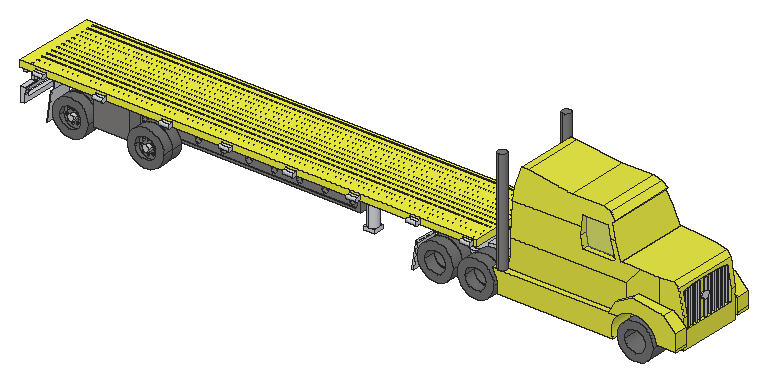
Revit family "BIMINONE_Large-14WheelsFlatbedTrailer", category Site, Revit 2021
Family settings
  Round Connector Dimension = Use Diameter
  Part Type = Normal
  Work Plane-Based = No
  Always vertical = Yes
  Cut with Voids When Loaded = No
  Shared = No
Parameters (values of type "Large-14WheelsFlatbedTrailer_Grey")
  Width = 3685 mm
  Standard/code = ""
  Product code = ""
  Modelled by = "Thai Obayashi Corp."
  Main Material = ""
  Length = 20600 mm
  Height = 4100 mm
  Color = "Grey"
  Barcode = ""
Reference planes
  plane 1 "Center (Front/Back)": y = 0
  plane 2: z = 0
  plane 3 "Center (Left/Right)": x = 0
Dimensions and locks
  aligned and locked: level to plane 2
Nested families
  nested 1: "TOC_Truck_WithFlatbedTrailer_Small" at (0, 0, 0), type "TOC_Truck_WithFlatbedTrailer_Small"
Definition of nested family "TOC_Truck_WithFlatbedTrailer_Small"
  Reference planes
    plane 1 "Center (Front/Back)": y = 0
    plane 2: z = 0
    plane 3 "Center (Left/Right)": x = 0
  Forms (mm)
    Extrusion 1, solid
      sketch origin (-15706.974, 945.005, 0) x (0, -1, 0) y (1, 0, 0)
        loop
          line (0, 0) -> (1981.2, 0) -> (1981.2, 10972.8) -> (0, 10972.8) -> (0, 0)
      from 1219.2 to 1070.576
    Extrusion 2, solid
      sketch origin (-15680.827, -45.595, 0) x (1, 0, 0) y (0, 0, 1)
        loop
          line (304.8, 1070.576) -> (304.8, 721.652) -> (852.425, 721.652) -> (1214.721, 359.356) -> (3072.632, 359.356) -> (3174.252, 460.976) -> (7772.4, 460.976) -> (7772.4, 714.976) -> (8229.089, 714.976) -> (9525.622, 966.996) -> (10658.283, 966.996) -> (10911.897, 1070.576) -> (304.8, 1070.576)
        loop
          line (50.8, 1070.576) -> (50.8, 689.576) -> (127, 689.576) -> (127, 841.976) -> (258.982, 1070.576) -> (50.8, 1070.576)
      from 507.376 to -565.03
    Extrusion 3, void
      sketch origin (-15706.974, -45.595, 0) x (0, -1, 0) y (1, 0, 0)
        loop
          line (-414.145, 457.948) -> (372.286, 457.948) -> (372.286, 10821.148) -> (-414.145, 10821.148) -> (-414.145, 457.948)
      from 1070.576 to 104.764
    Extrusion 4, solid
      sketch origin (-14052.621, -45.595, 0) x (0, -1, 0) y (1, 0, 0)
        loop
          circle (421.736, 6370.182) r 124.451
        loop
          circle (-488.519, 6363.045) r 124.451
      from 245.449 to 714.976
    Extrusion 5, solid
      sketch origin (-15706.974, -45.595, 0) x (0, -1, 0) y (1, 0, 0)
        loop
          line (-621.436, 8151.216) -> (-621.436, 7890.866) -> (-354.736, 7890.866) -> (-354.736, 8151.216) -> (-621.436, 8151.216)
        loop
          line (298.161, 8151.216) -> (298.161, 7894.041) -> (550.41, 7894.041) -> (550.41, 8151.216) -> (298.161, 8151.216)
      from 245.449 to 149.9
    Extrusion 6, void
      sketch origin (-15706.974, -45.595, 0) x (1, 0, 0) y (0, 0, 1)
        loop
          circle (7264.249, 877.857) r 76.2
        loop
          circle (6910.539, 630.186) r 76.2
        loop
          circle (6654.649, 877.857) r 76.2
        loop
          circle (6300.939, 630.186) r 76.2
        loop
          circle (6045.049, 877.857) r 76.2
        loop
          circle (5691.339, 630.186) r 76.2
        loop
          circle (5435.449, 877.857) r 76.2
        loop
          circle (5081.739, 630.186) r 76.2
        loop
          circle (4825.849, 877.857) r 76.2
        loop
          circle (4472.139, 630.186) r 76.2
        loop
          circle (4216.249, 877.857) r 76.2
        loop
          circle (3862.539, 630.186) r 76.2
        loop
          circle (3581.249, 877.857) r 76.2
        loop
          circle (3227.539, 630.186) r 76.2
        loop
          circle (2946.249, 877.857) r 76.2
        loop
          circle (2592.539, 630.186) r 76.2
        loop
          circle (2311.249, 877.857) r 76.2
        loop
          circle (1957.539, 630.186) r 76.2
        loop
          circle (1676.249, 877.857) r 76.2
        loop
          circle (1322.539, 630.186) r 76.2
        loop
          circle (1066.649, 877.857) r 76.2
        loop
          circle (712.939, 630.186) r 76.2
        loop
          circle (7896.853, 886.057) r 76.2
        loop
          circle (7575.945, 621.986) r 76.2
      from -1121.548 to 1371.6
    Extrusion 7, void
      sketch origin (-15706.974, -45.595, 0) x (1, 0, 0) y (0, 0, 1)
        loop
          line (457.948, 1019.776) -> (457.948, 537.176) -> (457.948, 511.776) -> (1443.64, 511.776) -> (1494.44, 460.976) -> (3124.2, 460.976) -> (3175, 511.776) -> (7696.2, 511.776) -> (7735.896, 736.903) -> (7735.896, 762.303) -> (8243.896, 762.303) -> (9465.629, 999.784) -> (9465.629, 1050.584) -> (9365.896, 1031.197) -> (457.948, 1031.197) -> (457.948, 1019.776)
      from 470.074 to 1371.6
    Extrusion 8, void
      sketch origin (-15706.974, 1703.855, -18.724) x (1, 0, 0) y (0, 0, 1)
        loop
          line (457.948, 1019.776) -> (457.948, 537.176) -> (457.948, 511.776) -> (1394.541, 511.776) -> (1479.761, 426.555) -> (3089.779, 426.555) -> (3175, 511.776) -> (7696.2, 511.776) -> (7735.896, 736.903) -> (7735.896, 762.303) -> (8243.896, 762.303) -> (9465.629, 999.784) -> (9465.629, 1050.584) -> (9365.896, 1031.197) -> (457.948, 1031.197) -> (457.948, 1019.776)
      from 627.902 to 1214.701
    Extrusion 9, solid
      sketch origin (-15706.974, -45.595, 0) x (1, 0, 0) y (0, 0, 1)
        loop
          line (0, 1070.576) -> (0, 333.976) -> (101.6, 333.976) -> (101.6, 511.776) -> (153.148, 689.576) -> (76.948, 689.576) -> (76.948, 1070.576) -> (0, 1070.576)
      from -989.771 to 990.6
    Extrusion 10, void
      sketch origin (-15376.027, -45.595, 1070.576) x (0, 0, -1) y (0, -1, 0)
        loop
          line (0, -684.581) -> (0, -990.6) -> (260.05, -1151.967) -> (403.197, -1008.821) -> (403.197, -684.581) -> (0, -684.581)
        loop
          line (0, 657.851) -> (403.523, 657.851) -> (403.523, 1011.807) -> (220.352, 1117.561) -> (0, 990.6) -> (0, 657.851)
        loop
          line (0, 533.4) -> (0, -558.8) -> (364.189, -558.8) -> (364.189, 533.4) -> (0, 533.4)
        loop
          line (494.911, 882.844) -> (494.911, -895.156) -> (640.961, -895.156) -> (640.961, 882.844) -> (494.911, 882.844)
      from 33.018 to 1371.6
    Extrusion 11, solid
      sketch origin (-15375.976, 368.551, 0) x (1, 0, 0) y (0, 0, 1)
        loop
          line (405.602, 721.652) -> (603.736, 721.652) -> (603.736, 851.383) -> (405.602, 851.383) -> (405.602, 721.652)
        loop
          line (2209.673, 975.928) -> (2209.673, 848.928) -> (2336.673, 848.928) -> (2336.673, 975.928) -> (2209.673, 975.928)
        loop
          line (3784.772, 581.922) -> (3911.772, 581.922) -> (3911.772, 708.922) -> (3784.772, 708.922) -> (3784.772, 581.922)
        loop
          line (5604.157, 584.128) -> (5731.157, 584.128) -> (5731.157, 711.128) -> (5604.157, 711.128) -> (5604.157, 584.128)
        loop
          line (4777.459, 823.909) -> (4904.459, 823.909) -> (4904.459, 950.909) -> (4777.459, 950.909) -> (4777.459, 823.909)
        loop
          line (7763.031, 762.303) -> (7763.031, 813.103) -> (7636.031, 813.103) -> (7586.962, 799.955) -> (7586.962, 743.579) -> (7763.031, 743.579) -> (7763.031, 762.303)
        loop
          line (6846.098, 711.128) -> (6846.098, 584.128) -> (7049.298, 584.128) -> (7049.298, 711.128) -> (6846.098, 711.128)
        loop
          line (8779.031, 1012.474) -> (8779.031, 930.662) -> (9134.631, 999.784) -> (9134.631, 1031.86) -> (9034.897, 1012.474) -> (8779.031, 1012.474)
      from 0 to 786.431
    Extrusion 12, void
      sketch origin (-15706.974, 945.005, 1219.2) x (1, 0, 0) y (0, -1, 0)
        loop
          line (10922, 69.97) -> (10922, 1924.17) -> (101.6, 1924.17) -> (101.6, 69.97) -> (10922, 69.97)
        loop
          line (107.95, 1917.82) -> (107.95, 76.32) -> (10915.65, 76.32) -> (10915.65, 1917.82) -> (107.95, 1917.82)
      from 304.8 to 1371.6
    Extrusion 13, void
      sketch origin (-7812.933, -613.253, 0) x (0, -1, 0) y (0, 0, -1)
        loop
          line (360.068, -1219.2) -> (360.068, -1193.8) -> (347.368, -1193.8) -> (347.368, -1219.2) -> (360.068, -1219.2)
        loop
          line (217.193, -1219.2) -> (217.193, -1193.8) -> (204.493, -1193.8) -> (204.493, -1219.2) -> (217.193, -1219.2)
        loop
          line (64.793, -1219.2) -> (64.793, -1193.8) -> (52.093, -1193.8) -> (52.093, -1219.2) -> (64.793, -1219.2)
        loop
          line (-87.607, -1219.2) -> (-87.607, -1193.8) -> (-100.307, -1193.8) -> (-100.307, -1219.2) -> (-87.607, -1219.2)
        loop
          line (-240.007, -1219.2) -> (-240.007, -1193.8) -> (-252.707, -1193.8) -> (-252.707, -1219.2) -> (-240.007, -1219.2)
        loop
          line (-392.407, -1219.2) -> (-392.407, -1193.8) -> (-405.107, -1193.8) -> (-405.107, -1219.2) -> (-392.407, -1219.2)
        loop
          line (-544.807, -1219.2) -> (-544.807, -1193.8) -> (-557.507, -1193.8) -> (-557.507, -1219.2) -> (-544.807, -1219.2)
        loop
          line (-697.207, -1219.2) -> (-697.207, -1193.8) -> (-709.907, -1193.8) -> (-709.907, -1219.2) -> (-697.207, -1219.2)
        loop
          line (-849.607, -1219.2) -> (-849.607, -1193.8) -> (-862.307, -1193.8) -> (-862.307, -1219.2) -> (-849.607, -1219.2)
        loop
          line (-1002.007, -1219.2) -> (-1002.007, -1193.8) -> (-1014.707, -1193.8) -> (-1014.707, -1219.2) -> (-1002.007, -1219.2)
        loop
          line (-1154.407, -1219.2) -> (-1154.407, -1193.8) -> (-1167.107, -1193.8) -> (-1167.107, -1219.2) -> (-1154.407, -1219.2)
        loop
          line (-1306.807, -1219.2) -> (-1306.807, -1193.8) -> (-1319.507, -1193.8) -> (-1319.507, -1219.2) -> (-1306.807, -1219.2)
        loop
          line (-1459.207, -1219.2) -> (-1459.207, -1193.8) -> (-1471.907, -1193.8) -> (-1471.907, -1219.2) -> (-1459.207, -1219.2)
      from -7674.297 to 2985.91
    Extrusion 14, solid
      sketch origin (-15706.974, -45.595, 0) x (1, 0, 0) y (0, 0, 1)
        loop
          circle (3041.77, 410.613) r 431.8
        loop
          circle (1238.37, 436.013) r 431.8
        loop
          circle (3041.77, 410.613) r 254
        loop
          circle (1238.37, 436.013) r 254
      from 778.744 to 1028.626
    Extrusion 15, solid
      sketch origin (-15706.974, -45.595, 0) x (1, 0, 0) y (0, 0, 1)
        loop
          circle (3042.794, 410.517) r 253.954
        loop
          circle (1237.389, 434.979) r 254
      from 632.451 to 933.57
    Extrusion 16, solid
      sketch origin (-15706.974, 1592.705, 0) x (1, 0, 0) y (0, 0, 1)
        loop
          circle (3042.794, 410.517) r 253.954
        loop
          circle (1237.389, 434.979) r 254
      from 636.91 to 933.57
    Extrusion 17, solid
      sketch origin (-15706.974, -45.595, 0) x (1, 0, 0) y (0, 0, 1)
        loop
          line (1714.918, 1070.576) -> (1714.918, 359.356) -> (2573.034, 359.356) -> (2573.034, 1070.576) -> (1714.918, 1070.576)
      from 619.751 to 927.726
    Extrusion 18, solid
      sketch origin (-15706.974, 182.176, 0) x (1, 0, 0) y (0, 0, 1)
        loop
          circle (3041.77, 410.613) r 431.8
        loop
          circle (1238.37, 436.013) r 431.8
        loop
          circle (3041.77, 410.613) r 254
        loop
          circle (1238.37, 436.013) r 254
      from 735.147 to 990.6
    Extrusion 19, solid
      sketch origin (-15706.974, -45.595, 0) x (1, 0, 0) y (0, 0, -1)
        loop
          line (1714.918, -1070.576) -> (2573.034, -1070.576) -> (2573.034, -359.356) -> (1714.918, -359.356) -> (1714.918, -1070.576)
      from 619.751 to 927.726
    Extrusion 20, solid
      sketch origin (-15706.974, -45.595, 0) x (1, 0, 0) y (0, 0, -1)
        loop
          circle (3041.77, -410.613) r 431.8
        loop
          circle (1238.37, -436.013) r 431.8
        loop
          circle (3041.77, -410.613) r 254
        loop
          circle (1238.37, -436.013) r 254
      from 792.089 to 1028.626
    Extrusion 21, solid
      sketch origin (-15706.974, -273.365, 0) x (1, 0, 0) y (0, 0, -1)
        loop
          circle (3041.77, -410.613) r 431.8
        loop
          circle (1238.37, -436.013) r 431.8
        loop
          circle (3041.77, -410.613) r 254
        loop
          circle (1238.37, -436.013) r 254
      from 792.801 to 1012.673
    Extrusion 22, solid
      sketch origin (-15706.974, -45.595, 0) x (1, 0, 0) y (0, 0, 1)
        loop
          line (737.348, 1012.474) -> (737.348, 848.928) -> (762.748, 848.928) -> (762.748, 1012.474) -> (737.348, 1012.474)
      from 467.351 to 915.026
    Extrusion 23, solid
      sketch origin (-15706.974, -45.595, 0) x (1, 0, 0) y (0, 0, -1)
        loop
          line (737.348, -1012.474) -> (762.748, -1012.474) -> (762.748, -851.383) -> (737.348, -851.383) -> (737.348, -1012.474)
      from 467.351 to 915.026
    Extrusion 24, solid
      sketch origin (-15706.974, -45.595, 0) x (1, 0, 0) y (0, 0, 1)
        loop
          line (778.375, 848.928) -> (752.975, 848.928) -> (667.145, 149.9) -> (692.545, 149.9) -> (778.375, 848.928)
      from 480.051 to 1028.626
    Extrusion 25, solid
      sketch origin (-15706.974, -45.595, 0) x (1, 0, 0) y (0, 0, -1)
        loop
          line (778.677, -851.383) -> (692.545, -149.9) -> (667.145, -149.9) -> (753.277, -851.383) -> (778.677, -851.383)
      from 480.051 to 1028.626
    Extrusion 26, void
      sketch origin (-15706.974, -45.595, 0) x (1, 0, 0) y (0, 0, 1)
        loop
          circle (3045.121, 560.231) r 38.1
        loop
          circle (3161.766, 524.476) r 38.1
        loop
          circle (3196.245, 409.108) r 38.1
        loop
          circle (3161.227, 293.531) r 38.1
        loop
          circle (3045.121, 255.431) r 38.1
        loop
          circle (2930.821, 293.531) r 38.1
        loop
          circle (2893.998, 409.108) r 38.1
        loop
          circle (2930.821, 524.476) r 38.1
        loop
          circle (1239.161, 587.974) r 38.1
        loop
          circle (1122.517, 552.218) r 38.1
        loop
          circle (1088.037, 436.85) r 38.1
        loop
          circle (1123.056, 321.274) r 38.1
        loop
          circle (1239.161, 283.174) r 38.1
        loop
          circle (1353.461, 321.274) r 38.1
        loop
          circle (1390.285, 436.85) r 38.1
        loop
          circle (1353.461, 552.218) r 38.1
      from 175.251 to 1371.6
    Extrusion 27, solid
      sketch origin (-15680.827, 519.436, 0) x (-1, 0, 0) y (0, 0, 1)
        loop
          circle (-3023.402, 407.831) r 76.2
        loop
          circle (-1221.512, 435.045) r 76.2
      from -1593.656 to 463.596
    Extrusion 28, solid
      sketch origin (-15706.974, -45.595, 0) x (1, 0, 0) y (0, 0, 1)
        loop
          line (0, 1070.576) -> (0, 944.323) -> (76.948, 944.323) -> (203.2, 1070.576) -> (0, 1070.576)
      from 657.851 to 882.844
    Extrusion 29, solid
      sketch origin (-15706.974, -45.595, 0) x (1, 0, 0) y (0, 0, -1)
        loop
          line (0, -1070.576) -> (203.2, -1070.576) -> (76.948, -944.323) -> (0, -944.323) -> (0, -1070.576)
      from 657.851 to 882.844
    Extrusion 30, solid
      sketch origin (-4708.027, -45.595, 1070.576) x (-1, 0, 0) y (0, -1, 0)
        loop
          circle (579.22, -24.729) r 355.6
      from 0 to -138.764
    Extrusion 31, solid
      sketch origin (-4708.027, -45.595, 1070.576) x (-1, 0, 0) y (0, -1, 0)
        loop
          circle (571.12, -12.029) r 76.2
      from -355.6 to -138.764
    Extrusion 32, solid
      sketch origin (-7812.933, -613.253, -3.776) x (0, 1, 0) y (0, 0, -1)
        loop
          line (-422.942, -1165.826) -> (-422.942, -1070.576) -> (-461.042, -1070.576)
          arc (-461.042, -1070.576) -> (-529.29, -1099.151) -> (-461.042, -1127.726) r 40.106
          line (-461.042, -1127.726) -> (-422.942, -1165.826)
      from 1273.894 to 1516.342
    Extrusion 33, solid
      sketch origin (-3701.219, -613.253, 0) x (0, 1, 0) y (0, 0, -1)
        loop
          line (-422.942, -1165.826) -> (-422.942, -1070.576) -> (-461.042, -1070.576)
          arc (-461.042, -1070.576) -> (-529.29, -1099.151) -> (-461.042, -1127.726) r 40.106
          line (-461.042, -1127.726) -> (-422.942, -1165.826)
      from 1133.976 to 1371.6
    Extrusion 34, solid
      sketch origin (-4987.595, -613.253, 0) x (0, 1, 0) y (0, 0, -1)
        loop
          line (-422.942, -1165.826) -> (-422.942, -1070.576) -> (-461.042, -1070.576)
          arc (-461.042, -1070.576) -> (-529.29, -1099.151) -> (-461.042, -1127.726) r 40.106
          line (-461.042, -1127.726) -> (-422.942, -1165.826)
      from 1133.976 to 1371.6
    Extrusion 35, solid
      sketch origin (-6426.37, -613.253, 0) x (0, 1, 0) y (0, 0, -1)
        loop
          line (-422.942, -1165.826) -> (-422.942, -1070.576) -> (-461.042, -1070.576)
          arc (-461.042, -1070.576) -> (-529.29, -1099.151) -> (-461.042, -1127.726) r 40.106
          line (-461.042, -1127.726) -> (-422.942, -1165.826)
      from 1133.976 to 1371.6
    Extrusion 36, solid
      sketch origin (-9492.419, -613.253, 0) x (0, 1, 0) y (0, 0, -1)
        loop
          line (-422.942, -1165.826) -> (-422.942, -1070.576) -> (-461.042, -1070.576)
          arc (-461.042, -1070.576) -> (-529.29, -1099.151) -> (-461.042, -1127.726) r 40.106
          line (-461.042, -1127.726) -> (-422.942, -1165.826)
      from 1133.976 to 1371.6
    Extrusion 37, solid
      sketch origin (-10931.195, -613.253, 0) x (0, 1, 0) y (0, 0, -1)
        loop
          line (-422.942, -1165.826) -> (-422.942, -1070.576) -> (-461.042, -1070.576)
          arc (-461.042, -1070.576) -> (-529.29, -1099.151) -> (-461.042, -1127.726) r 40.106
          line (-461.042, -1127.726) -> (-422.942, -1165.826)
      from 1133.976 to 1371.6
    Extrusion 38, solid
      sketch origin (-12522.37, -613.253, 0) x (0, 1, 0) y (0, 0, -1)
        loop
          line (-422.942, -1165.826) -> (-422.942, -1070.576) -> (-461.042, -1070.576)
          arc (-461.042, -1070.576) -> (-529.29, -1099.151) -> (-461.042, -1127.726) r 40.106
          line (-461.042, -1127.726) -> (-422.942, -1165.826)
      from 1133.976 to 1371.6
    Extrusion 39, solid
      sketch origin (-13961.146, -613.253, 0) x (0, 1, 0) y (0, 0, -1)
        loop
          line (-422.942, -1165.826) -> (-422.942, -1070.576) -> (-461.042, -1070.576)
          arc (-461.042, -1070.576) -> (-529.29, -1099.151) -> (-461.042, -1127.726) r 40.106
          line (-461.042, -1127.726) -> (-422.942, -1165.826)
      from 1133.976 to 1371.6
    Extrusion 40, solid
      sketch origin (-7812.933, 522.064, -3.776) x (0, -1, 0) y (0, 0, 1)
        loop
          line (-422.942, 1165.826) -> (-461.042, 1127.726)
          arc (-461.042, 1127.726) -> (-529.29, 1099.151) -> (-461.042, 1070.576) r 40.106
          line (-461.042, 1070.576) -> (-422.942, 1070.576) -> (-422.942, 1165.826)
      from 1273.894 to 1516.342
    Extrusion 41, solid
      sketch origin (-3701.219, 522.064, 0) x (0, -1, 0) y (0, 0, 1)
        loop
          line (-422.942, 1165.826) -> (-461.042, 1127.726)
          arc (-461.042, 1127.726) -> (-529.29, 1099.151) -> (-461.042, 1070.576) r 40.106
          line (-461.042, 1070.576) -> (-422.942, 1070.576) -> (-422.942, 1165.826)
      from 1133.976 to 1371.6
    Extrusion 42, solid
      sketch origin (-4987.595, 522.064, 0) x (0, -1, 0) y (0, 0, 1)
        loop
          line (-422.942, 1165.826) -> (-461.042, 1127.726)
          arc (-461.042, 1127.726) -> (-529.29, 1099.151) -> (-461.042, 1070.576) r 40.106
          line (-461.042, 1070.576) -> (-422.942, 1070.576) -> (-422.942, 1165.826)
      from 1133.976 to 1371.6
    Extrusion 43, solid
      sketch origin (-6426.37, 522.064, 0) x (0, -1, 0) y (0, 0, 1)
        loop
          line (-422.942, 1165.826) -> (-461.042, 1127.726)
          arc (-461.042, 1127.726) -> (-529.29, 1099.151) -> (-461.042, 1070.576) r 40.106
          line (-461.042, 1070.576) -> (-422.942, 1070.576) -> (-422.942, 1165.826)
      from 1133.976 to 1371.6
    Extrusion 44, solid
      sketch origin (-9492.419, 522.064, 0) x (0, -1, 0) y (0, 0, 1)
        loop
          line (-422.942, 1165.826) -> (-461.042, 1127.726)
          arc (-461.042, 1127.726) -> (-529.29, 1099.151) -> (-461.042, 1070.576) r 40.106
          line (-461.042, 1070.576) -> (-422.942, 1070.576) -> (-422.942, 1165.826)
      from 1133.976 to 1371.6
    Extrusion 45, solid
      sketch origin (-10931.195, 522.064, 0) x (0, -1, 0) y (0, 0, 1)
        loop
          line (-422.942, 1165.826) -> (-461.042, 1127.726)
          arc (-461.042, 1127.726) -> (-529.29, 1099.151) -> (-461.042, 1070.576) r 40.106
          line (-461.042, 1070.576) -> (-422.942, 1070.576) -> (-422.942, 1165.826)
      from 1133.976 to 1371.6
    Extrusion 46, solid
      sketch origin (-12522.37, 522.064, 0) x (0, -1, 0) y (0, 0, 1)
        loop
          line (-422.942, 1165.826) -> (-461.042, 1127.726)
          arc (-461.042, 1127.726) -> (-529.29, 1099.151) -> (-461.042, 1070.576) r 40.106
          line (-461.042, 1070.576) -> (-422.942, 1070.576) -> (-422.942, 1165.826)
      from 1133.976 to 1371.6
    Extrusion 47, solid
      sketch origin (-13961.146, 522.064, 0) x (0, -1, 0) y (0, 0, 1)
        loop
          line (-422.942, 1165.826) -> (-461.042, 1127.726)
          arc (-461.042, 1127.726) -> (-529.29, 1099.151) -> (-461.042, 1070.576) r 40.106
          line (-461.042, 1070.576) -> (-422.942, 1070.576) -> (-422.942, 1165.826)
      from 1133.976 to 1371.6
    Extrusion 48, solid
      sketch origin (-15680.827, -552.97, 0) x (1, 0, 0) y (0, 0, 1)
        loop
          line (9767.275, 624.568) -> (9653.162, 510.455) -> (9557.912, 510.455) -> (9557.912, 383.455) -> (9667.897, 319.955) -> (9767.275, 220.577) -> (11291.275, 220.577) -> (11470.88, 400.182) -> (14214.08, 400.182) -> (14525.165, 220.577) -> (15134.765, 220.577) -> (15314.37, 400.182) -> (15466.77, 400.182) -> (15466.77, 669.018) -> (15359.007, 776.781) -> (14749.407, 776.781) -> (11549.007, 776.781) -> (11347.081, 574.855) -> (9767.275, 574.855) -> (9767.275, 624.568)
      from -1078.616 to -40.024
    Extrusion 49, solid
      sketch origin (-7096.374, -45.595, -25.4) x (1, 0, 0) y (0, 0, 1)
        loop
          circle (2355.97, 410.613) r 431.8
        loop
          circle (1390.77, 436.013) r 431.8
        loop
          circle (2355.97, 410.613) r 254
        loop
          circle (1390.77, 436.013) r 254
      from 761.67 to 1028.626
    Extrusion 50, solid
      sketch origin (-7096.374, 233.805, -25.4) x (1, 0, 0) y (0, 0, 1)
        loop
          circle (2355.97, 410.613) r 431.8
        loop
          circle (1390.77, 436.013) r 431.8
        loop
          circle (2355.97, 410.613) r 254
        loop
          circle (1390.77, 436.013) r 254
      from 772.151 to 1041.07
    Extrusion 51, solid
      sketch origin (-7096.374, 5.205, -12.7) x (1, 0, 0) y (0, 0, -1)
        loop
          circle (2355.97, -410.613) r 431.8
        loop
          circle (1390.77, -436.013) r 431.8
        loop
          circle (2355.97, -410.613) r 254
        loop
          circle (1390.77, -436.013) r 254
      from 761.67 to 977.9
    Extrusion 52, solid
      sketch origin (-7096.374, -248.795, -12.7) x (1, 0, 0) y (0, 0, -1)
        loop
          circle (2355.97, -410.613) r 431.8
        loop
          circle (1390.77, -436.013) r 431.8
        loop
          circle (2355.97, -410.613) r 254
        loop
          circle (1390.77, -436.013) r 254
      from 772.151 to 1011.026
    Extrusion 53, solid
      sketch origin (-5913.552, -527.57, 574.855) x (1, 0, 0) y (0, 1, 0)
        loop
          circle (634.214, 526.988) r 393.511
      from 0 to 284.752
    Extrusion 54, solid
      sketch origin (-15680.827, -552.97, 0) x (1, 0, 0) y (0, 0, 1)
        loop
          line (9767.275, 624.568) -> (9537.073, 731.913) -> (9501.152, 695.992) -> (9501.152, 645.192) -> (9513.852, 645.192) -> (9529.953, 679.722) -> (9555.353, 679.722) -> (9653.162, 510.455) -> (9767.275, 624.568)
      from -135.09 to -40.024
    Extrusion 55, solid
      sketch origin (-15680.827, -552.97, 0) x (1, 0, 0) y (0, 0, 1)
        loop
          line (9537.073, 731.913) -> (9501.152, 695.992) -> (9501.152, 645.192) -> (9414.468, 64.585) -> (9442.562, 64.585) -> (9513.852, 645.192) -> (9529.953, 679.722) -> (9555.353, 679.722) -> (9537.073, 731.913)
      from -40.024 to 521.324
    Extrusion 56, solid
      sketch origin (-15680.827, 588.781, 0) x (1, 0, 0) y (0, 0, -1)
        loop
          line (9767.275, -624.568) -> (9653.162, -510.455) -> (9555.353, -679.722) -> (9529.953, -679.722) -> (9513.852, -645.192) -> (9501.152, -645.192) -> (9501.152, -695.992) -> (9537.073, -731.913) -> (9767.275, -624.568)
      from -135.09 to -40.024
    Extrusion 57, solid
      sketch origin (-15655.427, 550.681, 12.7) x (1, 0, 0) y (0, 0, -1)
        loop
          line (9537.073, -731.913) -> (9555.353, -679.722) -> (9529.953, -679.722) -> (9513.852, -645.192) -> (9442.562, -64.585) -> (9414.468, -64.585) -> (9501.152, -645.192) -> (9501.152, -695.992) -> (9537.073, -731.913)
      from -40.024 to 444.251
    Extrusion 58, solid
      sketch origin (-2295.774, -45.595, -50.8) x (1, 0, 0) y (0, 0, 1)
        loop
          circle (1390.77, 436.013) r 431.8
        loop
          circle (1390.77, 436.013) r 254
      from 555.675 to 1028.626
    Extrusion 59, solid
      sketch origin (-2323.498, 87.214, -38.1) x (1, 0, 0) y (0, 0, -1)
        loop
          circle (1390.77, -436.013) r 431.8
        loop
          circle (1390.77, -436.013) r 254
      from 598.139 to 990.121
    Extrusion 60, solid
      sketch origin (-15680.827, -512.946, 0) x (1, 0, 0) y (0, 0, 1)
        loop
          line (11463.639, 252.203) -> (14232.239, 252.203)
          arc (14232.239, 252.203) -> (14210.434, 530.791) -> (14343.007, 776.781) r 494.904
          line (14343.007, 776.781) -> (11549.007, 776.781) -> (11345.807, 776.781)
          arc (11345.807, 776.781) -> (11461.681, 527.286) -> (11463.639, 252.203) r 648.157
      from 0 to 561.274
    Extrusion 61, solid
      sketch origin (-15680.827, 525.646, 0) x (1, 0, 0) y (0, 0, -1)
        loop
          arc (11463.639, -252.203) -> (11461.681, -527.286) -> (11345.807, -776.781) r 648.157
          line (11345.807, -776.781) -> (11549.007, -776.781) -> (14343.007, -776.781)
          arc (14343.007, -776.781) -> (14210.434, -530.791) -> (14232.239, -252.203) r 494.904
          line (14232.239, -252.203) -> (11463.639, -252.203)
      from 0 to 561.274
    Extrusion 62, solid
      sketch origin (-15680.827, -512.946, 0) x (1, 0, 0) y (0, 0, 1)
        loop
          line (15292.844, 489.538) -> (15755.053, 489.538) -> (15755.053, 537.163) -> (15755.053, 893.875) -> (15466.77, 1182.157) -> (14716.347, 1314.477) -> (14293.898, 1070.576) -> (14124.275, 776.781) -> (14343.007, 776.781)
          arc (14343.007, 776.781) -> (14908.309, 932.035) -> (15292.844, 489.538) r 550.325
      from 261.495 to 561.274
    Extrusion 63, solid
      sketch origin (-15708.55, -587.768, 0) x (1, 0, 0) y (0, 0, -1)
        loop
          arc (15292.844, -489.538) -> (14908.309, -932.035) -> (14343.007, -776.781) r 550.325
          line (14343.007, -776.781) -> (14124.275, -776.781) -> (14293.898, -1070.576) -> (14716.347, -1314.477) -> (15466.77, -1182.157) -> (15782.776, -866.151) -> (15782.776, -537.163) -> (15782.776, -489.538) -> (15292.844, -489.538)
      from 1357.94 to 1676.301
    Extrusion 64, solid
      sketch origin (-15680.827, -512.946, 0) x (1, 0, 0) y (0, 0, 1)
        loop
          line (11582.4, 776.781) -> (14324.138, 776.781) -> (14404.302, 948.693) -> (14829.542, 1023.675) -> (15359.007, 776.781) -> (15466.77, 669.018) -> (15301.138, 475.224) -> (15314.37, 400.182) -> (15681.241, 359.376) -> (15681.241, 1070.576) -> (15574.533, 1675.746) -> (15466.77, 1783.509) -> (14320.501, 1863.664) -> (14302.54, 1845.703) -> (14277.14, 1845.703) -> (14016.521, 2561.749) -> (14070.402, 2615.63) -> (13944.679, 2741.354) -> (13754.828, 2797.964) -> (12990.887, 2797.964) -> (11932.02, 2935.216) -> (11779.62, 2935.216) -> (11661.288, 2493.595) -> (11661.288, 1071.195) -> (11582.4, 776.781)
      from -1427.637 to 398.658
    Extrusion 65, void
      sketch origin (0.415, -512.946, 1070.576) x (0, 0, 1) y (0, 1, 0)
        loop
          line (351.824, 1427.637) -> (1162.644, 1370.939) -> (1936.456, 1234.495) -> (2235.232, 530.623) -> (1920.641, -210.505) -> (1162.644, -344.161) -> (370.534, -399.55) -> (768.731, -797.747) -> (1832.933, -723.331) -> (2322.737, -139.605) -> (2384.481, 743.379) -> (1967.649, 1725.374) -> (1053.249, 1725.374) -> (351.824, 1427.637)
      from -664.787 to 30632.4
    Extrusion 66, void
      sketch origin (0.415, -512.946, 1070.576) x (0, 0, 1) y (0, 1, 0)
        loop
          line (494.63, 1198.299) -> (-293.795, 1198.299) -> (-293.795, -165.1) -> (493.679, -165.1) -> (544.125, 120.991) -> (544.125, 519.296) -> (544.125, 917.601) -> (494.63, 1198.299)
      from -69.815 to 102.89
    Extrusion 67, solid
      sketch origin (-15680.827, -512.946, 0) x (1, 0, 0) y (0, 0, 1)
        loop
          line (11661.288, 1071.195) -> (11362.025, 931.647) -> (10795, 859.606) -> (10795, 574.855) -> (11347.081, 574.855) -> (11582.4, 776.781) -> (11661.288, 1071.195)
      from -1038.592 to 0
    Extrusion 68, void
      sketch origin (-4708.027, -45.595, 1070.576) x (0, -1, 0) y (-1, 0, 0)
        loop
          line (-960.285, -3431.502) -> (-1192.476, -4273.381) -> (-975.294, -4870.086) -> (-813.649, -4708.441) -> (-891.659, -4215.906) -> (-960.285, -3431.502)
        loop
          line (869.096, -3431.502) -> (800.47, -4215.906) -> (722.46, -4708.441) -> (884.105, -4870.086) -> (1101.287, -4273.381) -> (869.096, -3431.502)
      from -2238.855 to 1680.176
    Extrusion 69, void
      sketch origin (-15680.827, -512.946, 0) x (-1, 0, 0) y (0, 0, 1)
        loop
          line (-14161.552, 1813.592) -> (-14093.825, 1800.346) -> (-13357.225, 1800.346) -> (-13308.707, 2075.502) -> (-13308.707, 2481.902) -> (-13918.307, 2481.902) -> (-14161.552, 1813.592)
      from -723.331 to -220.38
    Extrusion 70, void
      sketch origin (-15680.827, 525.646, 0) x (-1, 0, 0) y (0, 0, -1)
        loop
          line (-14161.552, -1813.592) -> (-13918.307, -2481.902) -> (-13308.707, -2481.902) -> (-13308.707, -2075.502) -> (-13357.225, -1800.346) -> (-14093.825, -1800.346) -> (-14161.552, -1813.592)
      from -723.331 to -220.38
    Extrusion 71, solid
      sketch origin (-4131.819, 525.646, 776.781) x (1, 0, 0) y (0, 1, 0)
        loop
          circle (-50.057, -1497.048) r 101.6
        loop
          circle (-75.457, 459.674) r 101.6
      from 0 to 2486.37
    Extrusion 72, solid
      sketch origin (-102.475, -512.946, 1070.576) x (0, 0, -1) y (0, 1, 0)
        loop
          line (-190.324, 350.491) -> (-169.945, 350.491) -> (-110.507, 409.929) -> (-83.73, 467.351) -> (-110.507, 524.774) -> (-164.389, 578.656) -> (-189.789, 578.656)
          arc (-189.789, 578.656) -> (-244.343, 464.701) -> (-190.324, 350.491) r 147.014
        loop
          line (-275.624, 467.351) -> (-275.624, 492.751) -> (-544.125, 492.751) -> (-544.125, 441.951) -> (-275.624, 441.951) -> (-275.624, 467.351)
        loop
          line (-53.084, 467.351) -> (-64.929, 441.951) -> (293.795, 441.951) -> (293.795, 492.751) -> (-64.929, 492.751) -> (-53.084, 467.351)
        loop
          line (294.075, 294.743) -> (294.075, 307.443) -> (-545.925, 307.443) -> (-545.925, 282.043) -> (294.075, 282.043) -> (294.075, 294.743)
        loop
          line (294.075, 193.143) -> (294.075, 205.843) -> (-545.925, 205.843) -> (-545.925, 180.443) -> (294.075, 180.443) -> (294.075, 193.143)
        loop
          line (294.075, 82.366) -> (294.075, 95.066) -> (-539.553, 95.066) -> (-535.075, 69.666) -> (294.075, 69.666) -> (294.075, 82.366)
        loop
          line (294.075, -10.057) -> (294.075, 2.643) -> (-523.257, 2.643) -> (-518.778, -22.757) -> (294.075, -22.757) -> (294.075, -10.057)
        loop
          line (294.075, -101.023) -> (294.075, -88.323) -> (-507.217, -88.323) -> (-502.738, -113.723) -> (294.075, -113.723) -> (294.075, -101.023)
        loop
          line (294.075, 624.943) -> (294.075, 637.643) -> (-545.925, 637.643) -> (-545.925, 612.243) -> (294.075, 612.243) -> (294.075, 624.943)
        loop
          line (294.075, 751.943) -> (294.075, 764.643) -> (-545.925, 764.643) -> (-545.925, 739.243) -> (294.075, 739.243) -> (294.075, 751.943)
        loop
          line (294.075, 878.943) -> (294.075, 891.643) -> (-545.925, 891.643) -> (-545.925, 866.243) -> (294.075, 866.243) -> (294.075, 878.943)
        loop
          line (294.075, 1005.943) -> (294.075, 1018.643) -> (-526.308, 1018.643) -> (-530.787, 993.243) -> (294.075, 993.243) -> (294.075, 1005.943)
        loop
          line (294.075, 1132.943) -> (294.075, 1145.643) -> (-503.915, 1145.643) -> (-508.393, 1120.243) -> (294.075, 1120.243) -> (294.075, 1132.943)
      from 0 to 58.334
    Extrusion 73, void
      sketch origin (-15680.827, -512.946, 0) x (-1, 0, 0) y (0, 0, 1)
        loop
          line (-11779.62, 2935.216) -> (-11779.62, 1868.416) -> (-11779.62, 1182.616) -> (-11661.288, 1064.284) -> (-10906.947, 1818.626) -> (-10906.947, 2935.216) -> (-11779.62, 2935.216)
      from -190.5 to 1198.299
    Sweep 74, solid
      path origin (-4206.007, -512.946, 1868.416) x (0, 0, -1) y (0, -1, 0)
        loop
          spline (685.8, 88.323) -> (502.946, -113.575) -> (437.067, -309.854) -> (348.218, -323.304) -> (288.444, -138.32) -> (216.801, -37.608) -> (130.336, -175.038) -> (58.029, -312.15) -> (-56.241, -246.11) -> (-147.869, -64.891) -> (-219.229, -93.316) -> (-247.234, -294.747) -> (-332.192, -642.515)
      profile origin (-4206.007, -337.908, 1738.081) x (0, 0.166672, -0.986012) y (-1, 0, 0)
        loop
          circle (0, 0) r 6.35
    Extrusion 75, solid
      sketch origin (-15706.974, -45.595, 0) x (0, -1, 0) y (1, 0, 0)
        loop
          line (687.731, 14042.669) -> (687.731, 13334.855) -> (727.124, 13334.855) -> (727.124, 14042.669) -> (687.731, 14042.669)
      from 1783.509 to 2451.402
    Extrusion 76, solid
      sketch origin (-15706.974, 1489.405, 0) x (0, -1, 0) y (1, 0, 0)
        loop
          line (687.731, 14042.669) -> (687.731, 13334.855) -> (727.124, 13334.855) -> (727.124, 14042.669) -> (687.731, 14042.669)
      from 1783.509 to 2451.402
  Cuts and joins
    Extrusion 3, Extrusion 10, Extrusion 13, Extrusion 73 cuts Extrusion 1
    Extrusion 3, Extrusion 6, Extrusion 7, Extrusion 8, Extrusion 12, Extrusion 73 cuts Extrusion 2
    Extrusion 6, Extrusion 7, Extrusion 8, Extrusion 12 cuts Extrusion 4
    Extrusion 10, Extrusion 12 cuts Extrusion 9
    Extrusion 12 cuts Extrusion 5
    Extrusion 12, Extrusion 26 cuts Extrusion 11
    Extrusion 26 cuts Extrusion 14
    Extrusion 26 cuts Extrusion 15
    Extrusion 26 cuts Extrusion 17
    Extrusion 26 cuts Extrusion 18
    Extrusion 65, Extrusion 66, Extrusion 68, Extrusion 69, Extrusion 70, Extrusion 73 cuts Extrusion 64
    Extrusion 68 cuts Extrusion 48
    Extrusion 73 cuts Extrusion 67
    Extrusion 73 cuts Extrusion 71
  Dimensions and locks
    cut or joined group of Extrusion 1, Extrusion 3, Extrusion 10, Extrusion 13, Extrusion 73 to cut or joined group of Extrusion 1, Extrusion 3, Extrusion 10, Extrusion 13, Extrusion 73 = 1981.2 mm
